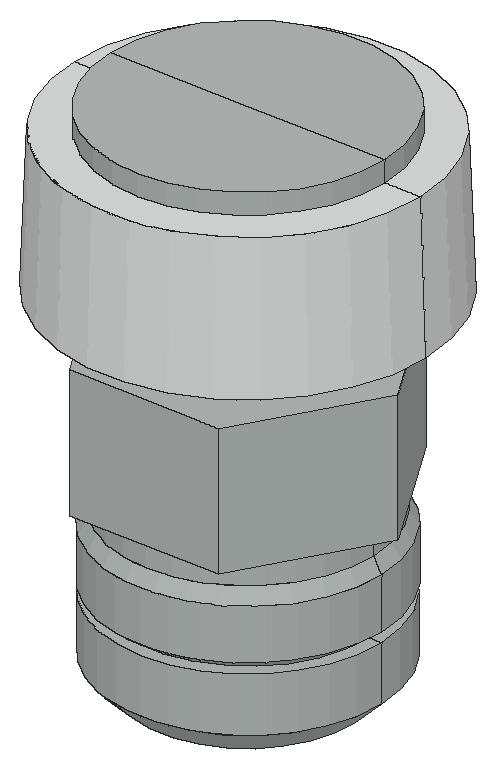
Revit family "HG00031008", category Apparecchi idraulici, Revit 2020
Family settings
  Quota connettore circolare = Usa diametro
  Tipo di parte = Normale
  Numero OmniClass = 23.45.00.00
  Titolo OmniClass = Sanitary, Laundry, and Cleaning Equipment
  Basato su piano di lavoro = No
  Sempre verticale = Sì
  Taglio con vuoti quando caricato = No
  Condiviso = No
  Punto di calcolo locali = No
Parameters
  URL = "https://web.cimberio.com/index.php/figura/711?subcategoria_id=31626"
  Temperatura di esercizio = ""
  Prospetto di default = 0 mm
  Produttore = "CIMBERIO SPA"
  Pressione nominale = ""
  Modello = "Cim 94"
  Materiale = ""
  Description = ""
  DN [instance] = 10 mm
  Type Comments = ""
Reference planes
  plane 1 "Centro (Fronte/Retro)": y = 0
  plane 2: z = 0
  plane 3 "Centro (Sinistra/Destra)": x = 0
Forms (mm)
  Revolve 1, solid, material "Cim_Lega di ottone filetto"
    sketch origin (25, 0, 0) x (-1, 0, 0) y (0, 0, -1)
      loop
        line (29.05, -4) -> (31.579, -4) -> (31.579, -1.3) -> (30.279, 0) -> (29.05, 0) -> (29.05, -4)
      axis (25, -4) -> (25, 0)
    angle from 0 to 360
  Revolve 2, solid, material "Cim_Lega di ottone"
    sketch origin (25, 0, 0) x (-1, 0, 0) y (0, 0, -1)
      loop
        line (29.42, -4) -> (29.42, -8.8) -> (31.2, -8.8) -> (31.2, -7.693) -> (31.6, -7) -> (31.6, -4.5) -> (30.947, -4) -> (29.42, -4)
      axis (25, -8.8) -> (25, -4)
    angle from 0 to 360
  Extrusion 3, solid, material "Cim_Lega di ottone"
    sketch origin (0, 0, 0) x (1, 0, 0) y (0, 1, 0)
      loop
        circle (0, 0) r 5
      loop
        line (7.35, 0) -> (3.675, 6.365) -> (-3.675, 6.365) -> (-7.35, 0) -> (-3.675, -6.365) -> (3.675, -6.365) -> (7.35, 0)
    from 8.8 to 15.2
  Revolve 4, solid, material "Cim_Lega di ottone"
    sketch origin (25, 0, 0) x (-1, 0, 0) y (0, 0, -1)
      loop
        line (30, -15.2) -> (25, -15.2) -> (25, -17.303) -> (30, -17.303) -> (30, -15.2)
      axis (25, -17.303) -> (25, -15.2)
    angle from 0 to 360
  Revolve 5, solid, material "Cim_Gomma"
    sketch origin (25, 0, 0) x (-1, 0, 0) y (0, 0, -1)
      loop
        line (33.493, -24.303) -> (33.75, -17.303) -> (25, -17.303) -> (25, -24.303) -> (33.493, -24.303)
      axis (25, -24.303) -> (25, -17.303)
    angle from 0 to 360
  Revolve 6, solid, material "Cim_Lega di ottone"
    sketch origin (25, 0.001, 0) x (-1, 0, 0) y (0, 0, -1)
      loop
        line (31.75, -25.303) -> (31.75, -24.303) -> (25, -24.303) -> (25, -25.303) -> (31.75, -25.303)
      axis (25, -25.303) -> (25, -24.303)
    angle from 0 to 360
Dimensions and locks
  aligned and locked: level to plane 2
Connectors
  piping at (0, 0, 0), diameter 10, driven by "DN"
    settings: on Revolve 1, index 1, connector inside diameter 609.6 mm, connector length 0 mm, flow factor 0, pipe flow 0.0 L/s, pressure drop 0.0 Pa, fitting loss kfactor 0, connector angle 0.00°, fixture units 0, engagement length 0 mm, angle of deflection 0.00°, flow configuration 0, flow direction 0, fitting loss method 0, system type 7, joint type 0, gender type 0, connector reference index -1, connector utility 0, adjustable connector no, is connector primary yes, connector description ""
